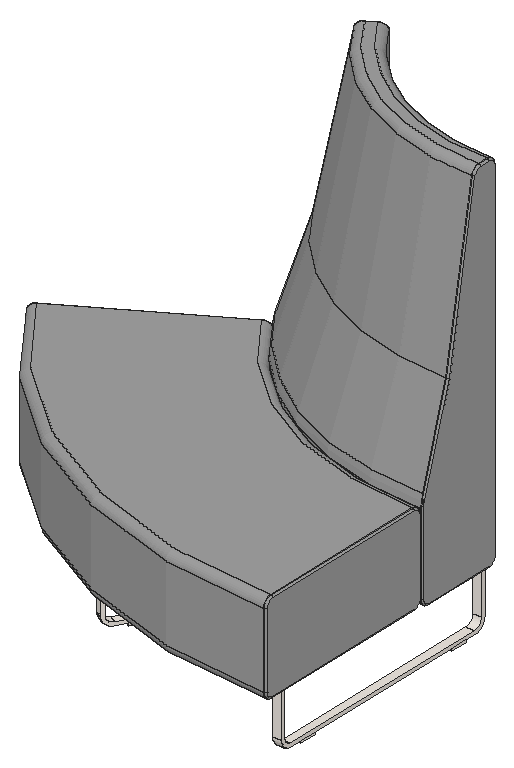
Revit family "Haworth_Riverbend_ConvexBench60_AP_PRELIMINARY", category Furniture, Revit 2018 (continued)
Definition of nested family "Haworth_Riverbend_ConvexBench60_Small_Seat-PART"
  Forms (mm)
    Blend 3, solid, material <- "Seat Upholstery Finish"
      top sketch origin (543.731, 1644.72, 0) x (0.866025, 0.5, 0) y (0, 0, -1)
        loop
          line (-1158.986, -209.55) -> (-1158.986, -431.8)
          arc (-1158.986, -431.8) -> (-1151.546, -449.761) -> (-1133.586, -457.2) r 25.4
      from 0 to -6.35
  Lines and regions (mm)
    Masking region 1
      outline origin (0, 0, 457.2) x (1, 0, 0) y (0, 1, 0)
        loop
          line (809.007, 332.481) -> (809.007, 852.133)
          arc (809.007, 852.133) -> (339.46, 984.598) -> (-10.031, 1325.005) r 991.296
          line (-10.031, 1325.005) -> (-460.063, 1065.179)
          arc (-460.063, 1065.179) -> (79.46, 534.265) -> (809.007, 332.481) r 1507.586
  Dimensions and locks
    locked: plane 2 "Top" to plane 3 "Top - Bottom of Chamfer Edge" at 6.35
    locked: plane 5 "Bottom - Top of Chamfer Edge" to plane 4 "Frame Bottom" at 6.35
    plane 2 "Top" to plane 4 "Frame Bottom" = 273.05 mm
    "Actual Height": plane 2 "Top" to plane 1 "Bottom"
    plane 2 "Top" to plane 1 "Bottom" = 457.2 mm
    "Actual Width": plane 25 to plane 26
    "Actual Depth": plane 12 to plane 27
    equal spacing: plane 12, plane 9, plane 27
    "Actual Depth": plane 16 to plane 13
  Automatic sketch dimensions
    Blend 1 sketch curve to plane 15 = 0 mm  (x4)
    Blend 1 sketch curve to plane 3 "Top - Bottom of Chamfer Edge" = 0 mm
    Blend 1 sketch curve to plane 5 "Bottom - Top of Chamfer Edge" = 0 mm
    plane 5 "Bottom - Top of Chamfer Edge" to Blend 1 sketch curve = 19.05 mm  (x3)
    plane 13 to Blend 1 sketch curve = 54.095 mm
    plane 28 to Blend 1 sketch curve = 272.234 mm  (x2)
    Blend 1 sketch curve to plane 4 "Frame Bottom" = 0 mm
    Blend 1 sketch curve to plane 2 "Top" = 0 mm
    plane 13 to Blend 1 sketch curve = 49.095 mm
    Blend 1 sketch curve to Blend 1 sketch curve = 25.4 mm
    plane 11 to Masking region 1 sketch curve = 0 mm  (x2)
    Masking region 1 sketch curve to plane 10 "Right" = 0 mm
    plane 22 to Masking region 1 sketch curve = 0 mm  (x2)
    plane 16 to Masking region 1 sketch curve = 111.522 mm
    Masking region 1 sketch curve to plane 17 = 50.154 mm
    Masking region 1 sketch curve to plane 10 "Right" = 24.246 mm
    Masking region 1 sketch curve to Masking region 1 sketch curve = 1.855 mm
    Revolve 2 sketch curve to plane 19 "revolve_axis" = 0 mm
    plane 15 to Revolve 2 sketch curve = 0 mm  (x2)
    Revolve 2 sketch curve to plane 2 "Top" = 0 mm
    Revolve 2 sketch curve to plane 4 "Frame Bottom" = 0 mm
    plane 5 "Bottom - Top of Chamfer Edge" to Revolve 2 sketch curve = 19.05 mm
    Revolve 2 sketch curve to plane 17 = 256.85 mm
    plane 13 to Revolve 2 sketch curve = 74.495 mm
    Revolve 2 sketch curve to Revolve 2 sketch curve = 25.4 mm
    plane 2 "Top" to Revolve 2 sketch curve = 127 mm
    Revolve 2 sketch curve to Revolve 2 sketch curve = 457.2 mm
    plane 15 to Blend 3 sketch curve = 0 mm  (x4)
    plane 3 "Top - Bottom of Chamfer Edge" to Blend 3 sketch curve = 0 mm
    plane 5 "Bottom - Top of Chamfer Edge" to Blend 3 sketch curve = 0 mm
    plane 5 "Bottom - Top of Chamfer Edge" to Blend 3 sketch curve = 19.05 mm  (x3)
    Blend 3 sketch curve to plane 32 = 54.095 mm
    plane 20 to Blend 3 sketch curve = 288.6 mm  (x2)
    plane 4 "Frame Bottom" to Blend 3 sketch curve = 0 mm
    plane 2 "Top" to Blend 3 sketch curve = 0 mm
    Blend 3 sketch curve to plane 32 = 49.095 mm
    Blend 3 sketch curve to Blend 3 sketch curve = 25.4 mm
Types (8, lengths in mm): name | Width Straight Edge | Small | Mid Back | Low | Large | High Back | High | Actual Height | Actual Depth
  1480w x 930d x 450h - Mid Back | 930 | no | yes | no | yes | no | yes | 450 | 930
  1480w x 930d x 390h - High Back | 930 | no | no | yes | yes | yes | no | 390 | 930
  1480w x 880d x 450h - High Back | 880 | yes | no | no | no | yes | yes | 450 | 880
  1480w x 880d x 390h - Mid Back | 880 | yes | yes | yes | no | no | no | 390 | 880
  1480w x 880d x 390h - High Back | 880 | yes | no | yes | no | yes | no | 390 | 880
  1480w x 880d x 450h - Mid Back | 880 | yes | yes | no | no | no | yes | 450 | 880
  1480w x 930d x 390h - Mid Back | 930 | no | yes | yes | yes | no | no | 390 | 930
  1480w x 930d x 450h - High Back | 930 | no | no | no | yes | yes | yes | 450 | 930
